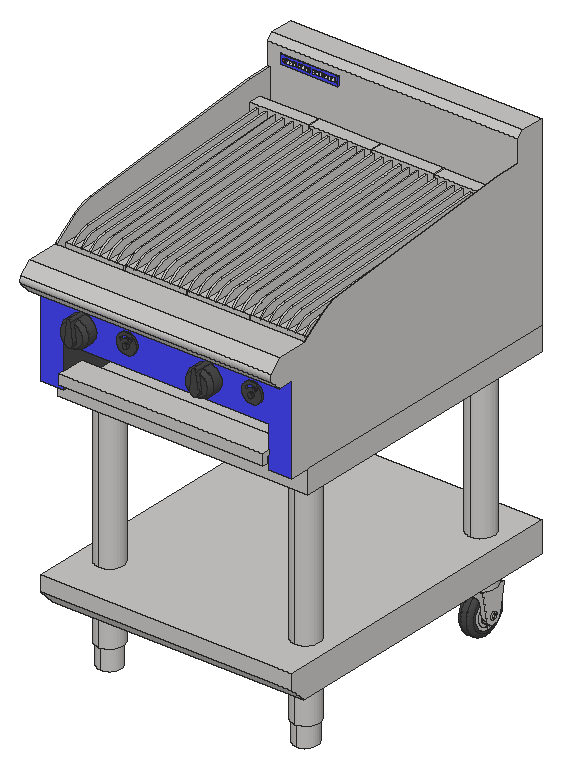
Revit family "QF_MOFFAT_BLUESEAL_AU_G594-LS", category Specialty Equipment, Revit 2012 (continued)
Automatic sketch dimensions
  Revolve 53 sketch curve to level = 0 mm
  Revolve 53 sketch curve to plane 11 = 0 mm  (x2)
  Revolve 53 sketch curve to Revolve 53 sketch curve = 27.5 mm
  Revolve 53 sketch curve to Revolve 53 sketch curve = 31.75 mm
  Revolve 53 sketch curve to Revolve 53 sketch curve = 55 mm
  level to Revolve 53 sketch curve = 50 mm
  Revolve 53 sketch curve to Revolve 53 sketch curve = 0 mm
  Revolve 53 sketch curve to Revolve 53 sketch curve = 100 mm
  plane 4 "RIGHT" to Revolve 54 sketch curve = 99.882 mm
  Revolve 54 sketch curve to Revolve 54 sketch curve = 1.27 mm  (x4)
  Revolve 54 sketch curve to Revolve 54 sketch curve = 1.524 mm  (x2)
  Revolve 54 sketch curve to Revolve 54 sketch curve = 12.146 mm  (x2)
  Revolve 54 sketch curve to Revolve 54 sketch curve = 2.762 mm
  Revolve 54 sketch curve to Revolve 54 sketch curve = 0.794 mm  (x2)
  Revolve 54 sketch curve to Revolve 54 sketch curve = 3.57 mm
  Revolve 54 sketch curve to Revolve 54 sketch curve = 2.143 mm
  Revolve 54 sketch curve to Revolve 54 sketch curve = 9.525 mm
  Revolve 54 sketch curve to Revolve 54 sketch curve = 24.572 mm
  Revolve 54 sketch curve to Revolve 54 sketch curve = 12.7 mm
  Revolve 54 sketch curve to Revolve 54 sketch curve = 8.176 mm
  Revolve 54 sketch curve to Revolve 54 sketch curve = 1.349 mm  (x2)
  Revolve 54 sketch curve to Revolve 54 sketch curve = 3.556 mm
  Revolve 54 sketch curve to plane 4 "RIGHT" = 2.18 mm
  level to Revolve 54 sketch curve = 49.952 mm
  Revolve 54 sketch curve to Revolve 54 sketch curve = 0 mm
  Revolve 54 sketch curve to Revolve 54 sketch curve = 3.505 mm  (x2)
  Revolve 54 sketch curve to Revolve 54 sketch curve = 3.447 mm  (x2)
  Revolve 54 sketch curve to Revolve 54 sketch curve = 9.964 mm
  Revolve 54 sketch curve to Revolve 54 sketch curve = 10.045 mm
  Revolve 54 sketch curve to Revolve 54 sketch curve = 2.053 mm
  Revolve 54 sketch curve to Revolve 54 sketch curve = 2.061 mm
  Revolve 54 sketch curve to Revolve 54 sketch curve = 8.247 mm
  Revolve 54 sketch curve to Revolve 54 sketch curve = 8.336 mm
  Revolve 54 sketch curve to Revolve 54 sketch curve = 6.35 mm  (x2)
  Extrusion 55 sketch curve to plane 11 = 0 mm
  plane 11 to Extrusion 55 sketch curve = 19.393 mm
  plane 11 to Extrusion 55 sketch curve = 31.75 mm
  Extrusion 55 sketch curve to plane 11 = 19.393 mm
  Extrusion 55 sketch curve to plane 11 = 31.75 mm
  level to Extrusion 55 sketch curve = 45.111 mm
  Extrusion 55 sketch curve to Extrusion 55 sketch curve = 4.889 mm
  Extrusion 55 sketch curve to Extrusion 55 sketch curve = 64.889 mm
  Revolve 56 sketch curve to plane 11 = 0 mm  (x2)
  Revolve 56 sketch curve to Revolve 56 sketch curve = 35.75 mm
  Revolve 56 sketch curve to level = 55 mm
  level to Revolve 56 sketch curve = 50 mm
  Revolve 56 sketch curve to Revolve 56 sketch curve = 60 mm
  Revolve 56 sketch curve to Revolve 56 sketch curve = 40 mm
  curve 26 to plane 3 "LEFT" = 0 mm
  curve 27 to plane 4 "RIGHT" = 0 mm
  plane 1 "BACK" to curve 25 = 0 mm
  plane 3 "LEFT" to curve 3 = 27.656 mm
  plane 3 "LEFT" to curve 23 = 35.34 mm
  curve 23 to curve 23 = 4.041 mm
  curve 24 to curve 24 = 8.66 mm
  curve 24 to curve 22 = 4.041 mm
  curve 2 to curve 4 = 27.496 mm
  curve 21 to curve 2 = 30.414 mm
  curve 18 to plane 7 "Center Y" = 28.041 mm
  curve 18 to curve 20 = 4.041 mm  (x2)
  curve 18 to curve 18 = 8.66 mm
  plane 7 "Center Y" to curve 11 = 35.34 mm
  curve 11 to curve 11 = 4.041 mm
  curve 10 to curve 10 = 8.66 mm
  curve 12 to curve 13 = 8.66 mm
  plane 11 to curve 6 = 34.723 mm
  plane 4 "RIGHT" to curve 6 = 102.344 mm
  curve 6 to curve 8 = 27.496 mm
  plane 4 "RIGHT" to curve 5 = 51.544 mm
  plane 4 "RIGHT" to curve 16 = 28.041 mm
  curve 16 to curve 14 = 4.041 mm
  curve 16 to curve 16 = 8.66 mm
  curve 15 to curve 15 = 4.041 mm
  plane 11 to curve 2 = 34.723 mm
  curve 4 to curve 2 = 15.875 mm
  curve 8 to curve 6 = 15.875 mm
  curve 26 to plane 5 "FRONT" = 0.001 mm
  curve 5 to curve 14 = 17.425 mm
  curve 1 to curve 22 = 1.55 mm
  curve 13 to curve 12 = 5 mm
  curve 21 to curve 23 = 5 mm
  curve 21 to curve 20 = 10 mm
  curve 13 to curve 14 = 10 mm
  curve 23 to curve 24 = 7 mm
  curve 12 to curve 11 = 7 mm
  curve 22 to curve 24 = 7 mm
  curve 12 to curve 10 = 7 mm
  curve 20 to curve 18 = 7 mm
  curve 14 to curve 16 = 7 mm
  curve 26 to curve 29 = 28.029 mm
  plane 3 "LEFT" to curve 30 = 4.5 mm
  plane 4 "RIGHT" to curve 30 = 3 mm
  curve 31 to plane 11 = 42.5 mm
  curve 32 to curve 31 = 12.5 mm
  plane 11 to curve 34 = 2 mm
  curve 1 to curve 34 = 44.048 mm
  curve 34 to plane 7 "Center Y" = 3 mm
  plane 12 to curve 35 = 59 mm
  plane 11 to curve 36 = 2 mm
  curve 37 to curve 33 = 3 mm
  curve 37 to curve 33 = 0 mm
  curve 42 to plane 7 "Center Y" = 0 mm
  plane 11 to curve 42 = 2 mm
  curve 42 to curve 6 = 50.656 mm
  plane 12 to curve 40 = 59 mm
  curve 40 to curve 44 = 3 mm
  curve 40 to curve 41 = 0 mm
  plane 11 to curve 43 = 2 mm
  curve 30 to curve 41 = 21 mm
  curve 2 to curve 49 = 2.723 mm
  curve 49 to curve 50 = 0 mm
  curve 51 to curve 42 = 30 mm
  curve 52 to curve 43 = 30 mm
  curve 38 to curve 53 = 16.5 mm
  curve 2 to curve 54 = 14.344 mm
  curve 54 to curve 55 = 21 mm
  curve 55 to curve 56 = 21 mm
  curve 56 to curve 57 = 21 mm
  curve 58 to curve 49 = 21 mm
  curve 50 to curve 59 = 21 mm
  curve 59 to curve 60 = 21 mm
  curve 60 to curve 61 = 21 mm
  curve 61 to curve 62 = 21 mm
  curve 62 to curve 63 = 21 mm
  curve 63 to curve 64 = 21 mm
  curve 40 to curve 65 = 21 mm
  curve 65 to curve 66 = 21 mm
  curve 66 to curve 67 = 21 mm
  curve 67 to curve 68 = 21 mm
  curve 68 to curve 69 = 21 mm
  curve 69 to curve 70 = 21 mm
  curve 41 to curve 71 = 21 mm
  curve 71 to curve 72 = 21 mm
  curve 6 to curve 73 = 15.344 mm
  curve 73 to curve 74 = 21 mm
  curve 74 to curve 75 = 21 mm
  curve 76 to curve 41 = 21 mm
  radius of Extrusion 37 sketch curve = 13.5 mm
  radius of Extrusion 42 sketch curve = 23.9 mm  (x2)
  radius of Extrusion 43 sketch curve = 5.75 mm  (x2)
Nested families
  nested 1: "WALDORF LOGO_FACE BASE" at (32.004, -70, 1056.885) x (1, 0, 0) z (0, -1, 0), visible <- "Show Logo", type "WALDORF LOGO_FACE BASE", detail levels medium+fine
    with Show Logo yes
Connectors
  piping at (216, -31, 553)
    settings: on Extrusion 37, index 1, connector radius 0.37402", flow factor 0, pipe flow 0 GPM, pressure drop 0.00 psi, fitting loss kfactor 0, connector angle 0.00°, fixture units 0, engagement length 0 mm, flow configuration 1, flow direction 1, fitting loss method 0, system type 7, joint type 0, gender type 0, connector reference index -1, connector utility 0, adjustable connector no, is connector primary yes, fitting loss table "", connector description "GAS CONNECTION"
Definition of nested family "WALDORF LOGO_FACE BASE"
  Parameters (values of type "WALDORF LOGO_FACE BASE")
    Show Logo [instance] = yes
    Default Elevation = 1219.2 mm
  Reference planes
    plane 1 "Center (Front/Back)": y = 0
    plane 2: z = 0
    plane 3 "Center (Left/Right)": x = 0
  Forms (mm)
    Extrusion 1, solid
      sketch origin (0, 0, 0) x (1, 0, 0) y (0, 1, 0)
        loop
          line (-1219.2, 1219.2) -> (-1219.2, -1219.2) -> (1219.2, -1219.2) -> (1219.2, 1219.2) -> (-1219.2, 1219.2)
      from 0 to -304.8
    Extrusion 2, solid, material "QF_Finishes_Blue", visible <- "Show Logo"
      sketch origin (0, -33.217, 0) x (1, 0, 0) y (0, 1, 0)
        loop
          arc (138, 31.942) -> (137.626, 32.844) -> (136.724, 33.217) r 1.276
          line (136.724, 33.217) -> (1.29, 33.217)
          arc (1.29, 33.217) -> (0.378, 32.839) -> (0, 31.927) r 1.29
          line (0, 31.927) -> (0, 11.507)
          arc (0, 11.507) -> (0.378, 10.595) -> (1.29, 10.217) r 1.29
          line (1.29, 10.217) -> (136.71, 10.217)
          arc (136.71, 10.217) -> (137.622, 10.595) -> (138, 11.507) r 1.29
          line (138, 11.507) -> (138, 31.942)
      from 0 to 1.588
    Extrusion 3, solid, material "QF_Finishes_White", visible <- "Show Logo"
      sketch origin (0, -33.217, 1.588) x (1, 0, 0) y (0, 1, 0)
        loop
          arc (108.946, 25.919) -> (107.613, 25.367) -> (107.061, 24.034) r 1.885
          line (107.061, 24.034) -> (107.061, 17.211) -> (112.704, 17.211) -> (112.704, 19.129) -> (115.546, 19.129) -> (115.546, 17.211) -> (121.584, 17.211) -> (121.584, 24.075)
          arc (121.584, 24.075) -> (121.043, 25.379) -> (119.739, 25.919) r 1.845
          line (119.739, 25.919) -> (108.946, 25.919)
        loop
          line (123.478, 25.919) -> (123.478, 17.163) -> (134.904, 17.163) -> (134.904, 19.129) -> (129.246, 19.129) -> (129.246, 25.919) -> (123.478, 25.919)
        loop
          line (112.704, 21.258) -> (115.546, 21.258) -> (115.546, 22.702)
          arc (115.546, 22.702) -> (115.344, 23.188) -> (114.858, 23.389) r 0.687
          line (114.858, 23.389) -> (113.363, 23.389)
          arc (113.363, 23.389) -> (112.897, 23.196) -> (112.704, 22.73) r 0.658
          line (112.704, 22.73) -> (112.704, 21.258)
        loop
          line (105.071, 25.919) -> (93.771, 25.919) -> (93.771, 17.163) -> (105.071, 17.163) -> (105.071, 19.063) -> (99.535, 19.063) -> (99.535, 20.437) -> (105.071, 20.437) -> (105.071, 22.278) -> (99.535, 22.278) -> (99.535, 23.587) -> (105.071, 23.587) -> (105.071, 25.919)
        loop
          line (91.104, 25.919) -> (79.541, 25.919)
          arc (79.541, 25.919) -> (78.558, 25.513) -> (78.152, 24.53) r 1.389
          line (78.152, 24.53) -> (78.152, 22.08)
          arc (78.152, 22.08) -> (78.558, 21.098) -> (79.541, 20.691) r 1.389
          line (79.541, 20.691) -> (86.346, 20.691) -> (86.346, 18.864) -> (83.266, 18.864) -> (83.266, 19.664) -> (78.152, 19.664) -> (78.152, 18.553)
          arc (78.152, 18.553) -> (78.558, 17.57) -> (79.541, 17.163) r 1.389
          line (79.541, 17.163) -> (91.063, 17.163)
          arc (91.063, 17.163) -> (92.045, 17.57) -> (92.452, 18.553) r 1.389
          line (92.452, 18.553) -> (92.452, 20.691)
          arc (92.452, 20.691) -> (92.045, 21.673) -> (91.063, 22.08) r 1.389
          line (91.063, 22.08) -> (83.266, 22.08) -> (83.266, 23.984) -> (86.346, 23.984) -> (86.346, 22.743) -> (92.452, 22.743) -> (92.452, 24.571)
          arc (92.452, 24.571) -> (92.057, 25.524) -> (91.104, 25.919) r 1.348
        loop
          line (70.705, 25.919) -> (59.405, 25.919) -> (59.405, 17.163) -> (70.705, 17.163) -> (70.705, 19.063) -> (65.169, 19.063) -> (65.169, 20.437) -> (70.705, 20.437) -> (70.705, 22.278) -> (65.169, 22.278) -> (65.169, 23.587) -> (70.705, 23.587) -> (70.705, 25.919)
        loop
          line (57.598, 25.919) -> (51.7, 25.919) -> (51.7, 20.18)
          arc (51.7, 20.18) -> (50.63, 19.11) -> (49.56, 20.18) r 1.07
          line (49.56, 20.18) -> (49.56, 25.919) -> (43.663, 25.919) -> (43.663, 19.049)
          arc (43.663, 19.049) -> (44.215, 17.716) -> (45.548, 17.163) r 1.885
          line (45.548, 17.163) -> (55.71, 17.163)
          arc (55.71, 17.163) -> (57.045, 17.716) -> (57.598, 19.051) r 1.887
          line (57.598, 19.051) -> (57.598, 25.919)
        loop
          line (31.62, 25.919) -> (31.62, 17.163) -> (43.046, 17.163) -> (43.046, 19.129) -> (37.388, 19.129) -> (37.388, 25.919) -> (31.62, 25.919)
        loop
          line (15.969, 25.919) -> (15.969, 17.163) -> (28.693, 17.163)
          arc (28.693, 17.163) -> (29.812, 17.627) -> (30.276, 18.746) r 1.582
          line (30.276, 18.746) -> (30.276, 20.447) -> (29.48, 21.243) -> (30.276, 22.039) -> (30.276, 24.332)
          arc (30.276, 24.332) -> (29.811, 25.454) -> (28.688, 25.919) r 1.587
          line (28.688, 25.919) -> (15.969, 25.919)
        loop
          line (21.449, 24.159) -> (21.449, 22.436) -> (23.862, 22.436)
          arc (23.862, 22.436) -> (24.723, 23.298) -> (23.862, 24.159) r 0.861
          line (23.862, 24.159) -> (21.449, 24.159)
        loop
          line (21.449, 20.244) -> (21.449, 18.522) -> (23.862, 18.522)
          arc (23.862, 18.522) -> (24.723, 19.383) -> (23.862, 20.244) r 0.861
          line (23.862, 20.244) -> (21.449, 20.244)
      from 0 to 0.2
    Extrusion 4, solid, material "QF_Finishes_Blue", visible <- "Show Logo"
      sketch origin (-126.498, -31.09, 1.588) x (1, 0, 0) y (0, 1, 0)
        loop
          line (136.738, 23.522) -> (136.738, 15.1)
          arc (136.738, 15.1) -> (140.756, 19.311) -> (136.738, 23.522) r 4.216
      from 0 to 0.2
    Extrusion 5, solid, material "QF_Finishes_Red", visible <- "Show Logo"
      sketch origin (146.849, -31.09, 1.588) x (-1, 0, 0) y (0, -1, 0)
        loop
          arc (136.738, -23.522) -> (140.756, -19.311) -> (136.738, -15.1) r 4.216
          line (136.738, -15.1) -> (136.738, -23.522)
      from 0 to 0.2
  Lines and regions (mm)
    Split face 1
      outline origin (-90.35, -30.793, 1.588) x (1, 0, 0) y (0, 1, 0)
        loop
          circle (100.54, 19.013) r 4.536
  Dimensions and locks
    aligned and locked: plane 2 to Extrusion 1
    aligned and locked: level to Extrusion 1
